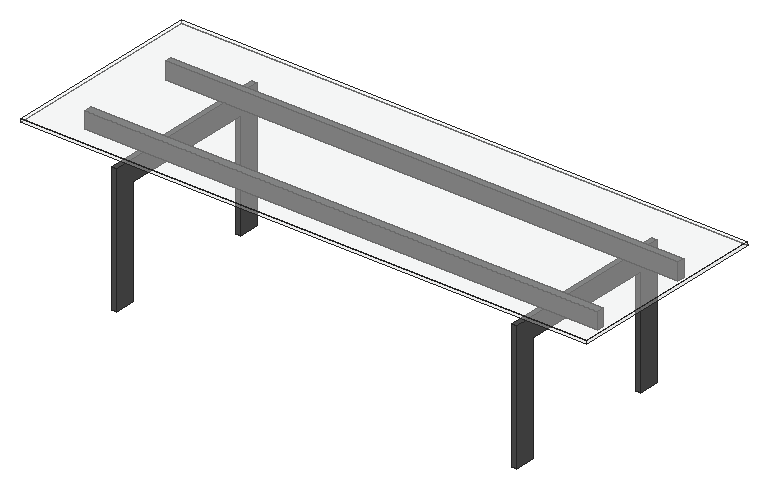
Revit family
Parameters (values of type "30" x 84" x 22"")
  Assembly Code = "E2020200"
  Base Material = Metal - Chrome
  Height = 1' - 10"
  Length = 7' - 0"
  Top Material = Glass - Clear, Grey
  Width = 2' - 6"
Types (4): name | Height | Length | Width
  (no name) | 1' - 10" | 7' - 0" | 2' - 6"
  30" x 84" x 22" | 1' - 10" | 7' - 0" | 2' - 6"
  30" x 60" x 18" | 1' - 6" | 5' - 0" | 2' - 6"
  24" x 36" x 24" | 2' - 0" | 6' - 0" | 3' - 0"
Reference planes (in)
  plane 1 "Center (Front/Back)": y = 3.74847
  plane 2: z = 0
  plane 3 "Center (Left/Right)": x = 0.71912
  plane 4 "Front": y = -11.25153
  plane 5 "Left": x = -41.28088
  plane 6 "Right": x = 42.71912
  plane 7 "Back": y = 18.74847
  plane 8 "Top": z = 22
Forms (in)
  Extrusion 1, solid, material "Glass - Clear, Grey" <- "Top Material"
    sketch origin (0, 0, 22) x (-1, 0, 0) y (0, -1, 0)
      loop
        line (41.28088, -18.74847) -> (41.28088, 11.25153) -> (-42.71912, 11.25153) -> (-42.71912, -18.74847) -> (41.28088, -18.74847)
    from 0 to -0.5
  Extrusion 2, solid, material "Metal - Chrome" <- "Base Material"
    sketch origin (-41.28088, 0, 0) x (0, 0, -1) y (0, -1, 0)
      loop
        line (0, -16.74847) -> (0, -13.74847) -> (-16, -13.74847) -> (-16, 6.25153) -> (0, 6.25153) -> (0, 9.25153) -> (-19, 9.25153) -> (-19, -16.74847) -> (0, -16.74847)
    from -12 to -12.75
  Extrusion 3, solid, material "Metal - Chrome" <- "Base Material"
    sketch origin (42.71912, 0, 0) x (0, 0, -1) y (0, -1, 0)
      loop
        line (0, -13.74847) -> (-16, -13.74847) -> (-16, 6.25153) -> (0, 6.25153) -> (0, 9.25153) -> (-19, 9.25153) -> (-19, -16.74847) -> (0, -16.74847) -> (0, -13.74847)
    from 12 to 12.75
  Extrusion 4, solid, material "Metal - Chrome" <- "Base Material"
    sketch origin (0, 0, 22) x (-1, 0, 0) y (0, -1, 0)
      loop
        line (37.28088, -11.72372) -> (37.28088, -10.72372) -> (-38.71912, -10.72372) -> (-38.71912, -11.72372) -> (37.28088, -11.72372)
      loop
        line (37.28088, 3.25153) -> (37.28088, 4.25153) -> (-38.71912, 4.25153) -> (-38.71912, 3.25153) -> (37.28088, 3.25153)
    from -0.5 to -3
Lines and regions (in)
  Masking region 1
    outline origin (0, 0, 0) x (1, 0, 0) y (0, 1, 0)
      loop
        line (-41.28088, 18.74847) -> (-41.28088, -11.25153) -> (42.71912, -11.25153) -> (42.71912, 18.74847) -> (-41.28088, 18.74847)
Dimensions and locks (in)
  equal spacing: plane 5 "Left", plane 3 "Center (Left/Right)", plane 6 "Right"
  "Length": plane 5 "Left" to plane 6 "Right"
  equal spacing: plane 4 "Front", plane 1 "Center (Front/Back)", plane 7 "Back"
  "Width": plane 4 "Front" to plane 7 "Back"
  "Height": plane 2 to plane 8 "Top"
  locked: plane 7 "Back" to Extrusion 2 sketch curve at 2
  locked: Extrusion 2 sketch curve to plane 4 "Front" at 2
  locked: Extrusion 2 sketch curve to plane 8 "Top" at 3
  locked: Extrusion 3 sketch curve to plane 8 "Top" at 3
  aligned and locked: level to plane 2
  aligned and locked: Extrusion 3 sketch curve to Extrusion 2  (x2)
  aligned and locked: plane 7 "Back" to Masking region 1 sketch curve
  aligned and locked: Masking region 1 sketch curve to plane 5 "Left"
  aligned and locked: Masking region 1 sketch curve to plane 4 "Front"
  aligned and locked: plane 6 "Right" to Masking region 1 sketch curve
Automatic sketch dimensions
  Extrusion 1 sketch curve to plane 6 "Right" = 0' - 0"
  Extrusion 1 sketch curve to plane 4 "Front" = 0' - 0"
  Extrusion 1 sketch curve to plane 5 "Left" = 0' - 0"
  Extrusion 1 sketch curve to plane 7 "Back" = 0' - 0"
  Extrusion 2 sketch curve to level = 0' - 0"  (x2)
  Extrusion 2 sketch curve to Extrusion 2 sketch curve = 0' - 3"  (x3)
  plane 6 "Right" to Extrusion 4 sketch curve = 0' - 4"  (x2)
  Extrusion 4 sketch curve to plane 5 "Left" = 0' - 4"  (x2)
  Extrusion 4 sketch curve to plane 1 "Center (Front/Back)" = 0' - 7.97525"
  Extrusion 4 sketch curve to Extrusion 4 sketch curve = 0' - 1"  (x2)
  plane 1 "Center (Front/Back)" to Extrusion 4 sketch curve = 0' - 7"
  Extrusion 3 sketch curve to level = 0' - 0"  (x2)
  plane 7 "Back" to Extrusion 3 sketch curve = 0' - 2"
  Extrusion 3 sketch curve to Extrusion 3 sketch curve = 0' - 3"
  Extrusion 3 sketch curve to plane 4 "Front" = 0' - 2"
